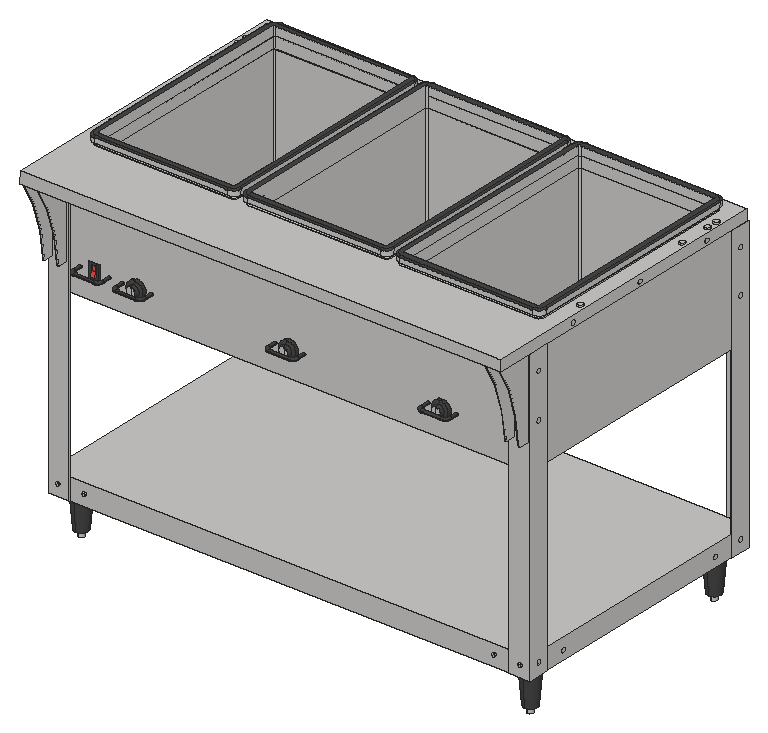
Revit family "QF_VOLLRATH_38213_SERVEWELL_SL_HOT_FOOD_TABLE", category Specialty Equipment, Revit 2022
Family settings
  Round Connector Dimension = Use Diameter
  Part Type = Normal
  Work Plane-Based = No
  Always vertical = Yes
  Cut with Voids When Loaded = No
  Maintain Annotation Orientation = No
  Shared = No
  Room Calculation Point = No
Parameters
  Weight in Pounds = 0
  Watts = 2100 W
  Volts = 120 V
  URL Cutsheet = ""
  Specification by User = ""
  Specification by Manufacturer = ""
  Serial Number = ""
  Seismic Rating = ""
  SMACNA No = ""
  Revision Code = ""
  Phase = 1
  Number of Poles = 1
  NAFEM Spec ID Number = ""
  Model = "38213"
  Min Ckt Ampacity = 0 A
  Max Overcurrent Protection = 0 A
  Masterspec = ""
  Manufacturer = "VOLLRATH"
  Length = 46"
  Item Number = ""
  Installed By = ""
  Identify Quantity as Lot = yes
  Height = 34"
  HP = ""
  Furnished By = ""
  Foodservice Equipment Identifier = yes
  FL Amps = 30 A
  Electrical Remarks = ""
  Electric Connection Type = ""
  Elec Conn RI Height = 0"
  Elec Conn Connection Height = 0"
  Description = "SERVEWELL SL HOT FOOD TABLE"
  Depth = 29 1/2"
  Default Elevation = 0"
  Cycle = 0 Hz
  Conn Plug = "NEMA 5-30P"
  Conn Conduit = yes
  CSI MasterFormat = ""
  Apparent Power = if(Phase = 3, Volts * FL Amps * 1.73, Volts * FL Amps)  # 3600 VA
Reference planes (in)
  plane 1 "BACK": y = 0
  plane 2: z = 0
  plane 3 "LEFT": x = 0
  plane 4 "RIGHT": x = 46
  plane 5 "FRONT": y = -29.5
  plane 6 "TOP": z = 34
  plane 7 "Center Y": x = 23
  plane 8 "Center X": y = -14.75
Dimensions and locks (in)
  equal spacing: plane 3 "LEFT", plane 7 "Center Y", plane 4 "RIGHT"
  "Length": plane 3 "LEFT" to plane 4 "RIGHT"
  equal spacing: plane 5 "FRONT", plane 8 "Center X", plane 1 "BACK"
  "Depth": plane 5 "FRONT" to plane 1 "BACK"
  "Height": plane 6 "TOP" to level
  nested 1 to level = 4"
  plane 4 "RIGHT" to plane 3 "LEFT" = 46"
  aligned and locked: level to plane 2
Nested families (in)
  nested 1: "QF_VOLLRATH_38203" at (0, 0, 0), type "QF_VOLLRATH_38203"
Connectors (in)
  electrical at (4.37729, -23.99392, 21.75393)
    settings: on nested 1, index 1, voltage 120 V, apparent load 0 VA, apparent load phase1 0 VA, apparent load phase2 0 VA, apparent load phase3 0 VA, power factor 1, load classification "Other", number of poles 1, system type 30, power factor state 1, is connector primary yes, connector utility no, sub classification motor no, connector description "ELECTRICAL CONNECTION"
Definition of nested family "QF_VOLLRATH_38203"
  Parameters (values of type "QF_VOLLRATH_38203")
    Weight in Pounds = 0
    Watts = 480 W
    Volts = 120 V
    URL Cutsheet = ""
    Specification by User = ""
    Specification by Manufacturer = ""
    Serial Number = ""
    Seismic Rating = ""
    SMACNA No = ""
    Revision Code = ""
    Phase = 0
    Number of Poles = 1
    NAFEM Spec ID Number = ""
    Model = "38203"
    Min Ckt Ampacity = 0 A
    Max Overcurrent Protection = 0 A
    Masterspec = ""
    Manufacturer = "VOLLRATH"
    Length = 46"
    Item Number = ""
    Installed By = ""
    Identify Quantity as Lot = yes
    Height = 34"
    HP = ""
    Furnished By = ""
    Foodservice Equipment Identifier = yes
    FL Amps = 15 A
    Electrical Remarks = ""
    Electric Connection Type = ""
    Elec Conn RI Height = 0"
    Elec Conn Connection Height = 0"
    Description = "SERVEWELL SL HOT FOOD TABLE"
    Depth = 29 1/2"
    Default Elevation = 0"
    Cycle = 0 Hz
    Conn Plug = "NEMA 5-15P"
    Conn Conduit = yes
    CSI MasterFormat = ""
    Apparent Power = if(Phase = 3, Volts * FL Amps * 1.73, Volts * FL Amps)  # 1800 VA
  Reference planes (in)
    plane 1 "BACK": y = 0
    plane 2: z = 0
    plane 3 "LEFT": x = 0
    plane 4 "RIGHT": x = 46
    plane 5 "FRONT": y = -29.5
    plane 6 "TOP": z = 34
    plane 7 "Center Y": x = 23
    plane 8 "Center X": y = -14.75
    plane 9: z = 4
    plane 10: y = -26
    plane 11: z = 6
    plane 12: x = 1.5
    plane 13: y = -18.1465
  Forms (in)
    Extrusion 1, solid
      sketch origin (-38.39759, -180, 34) x (-1, 0, 0) y (0, -1, 0)
        loop
          line (-38.39759, -180) -> (-38.39759, -150.5) -> (-84.39759, -150.5) -> (-84.39759, -180) -> (-38.39759, -180)
        loop
          arc (-40.4056, -178.50988) -> (-40.29511, -178.46411) -> (-40.24935, -178.35363) r 0.15625
          line (-40.24935, -178.35363) -> (-40.24935, -157.60363)
          arc (-40.24935, -157.60363) -> (-40.29511, -157.49314) -> (-40.4056, -157.44738) r 0.15625
          line (-40.4056, -157.44738) -> (-53.1556, -157.44738)
          arc (-53.1556, -157.44738) -> (-53.26608, -157.49314) -> (-53.31185, -157.60363) r 0.15625
          line (-53.31185, -157.60363) -> (-53.31185, -178.35363)
          arc (-53.31185, -178.35363) -> (-53.26608, -178.46411) -> (-53.1556, -178.50988) r 0.15625
          line (-53.1556, -178.50988) -> (-40.4056, -178.50988)
        loop
          line (-82.38959, -178.50988) -> (-69.63959, -178.50988)
          arc (-69.63959, -178.50988) -> (-69.5291, -178.46411) -> (-69.48334, -178.35363) r 0.15625
          line (-69.48334, -178.35363) -> (-69.48334, -157.60363)
          arc (-69.48334, -157.60363) -> (-69.5291, -157.49314) -> (-69.63959, -157.44738) r 0.15625
          line (-69.63959, -157.44738) -> (-82.38959, -157.44738)
          arc (-82.38959, -157.44738) -> (-82.50007, -157.49314) -> (-82.54584, -157.60363) r 0.15625
          line (-82.54584, -157.60363) -> (-82.54584, -178.35363)
          arc (-82.54584, -178.35363) -> (-82.50007, -178.46411) -> (-82.38959, -178.50988) r 0.15625
        loop
          line (-67.76459, -178.50988) -> (-55.01459, -178.50988)
          arc (-55.01459, -178.50988) -> (-54.9041, -178.46411) -> (-54.85834, -178.35363) r 0.15625
          line (-54.85834, -178.35363) -> (-54.85834, -157.60363)
          arc (-54.85834, -157.60363) -> (-54.9041, -157.49314) -> (-55.01459, -157.44738) r 0.15625
          line (-55.01459, -157.44738) -> (-67.76459, -157.44738)
          arc (-67.76459, -157.44738) -> (-67.87507, -157.49314) -> (-67.92084, -157.60363) r 0.15625
          line (-67.92084, -157.60363) -> (-67.92084, -178.35363)
          arc (-67.92084, -178.35363) -> (-67.87507, -178.46411) -> (-67.76459, -178.50988) r 0.15625
      from -0.90354 to -1.94773
    Extrusion 2, solid
      sketch origin (0, 0, 0) x (1, 0, 0) y (0, 1, 0)
        loop
          line (0, -26) -> (46, -26) -> (46, 0) -> (0, 0) -> (0, -26)
        loop
          arc (14.91425, -1.64637) -> (14.86849, -1.53589) -> (14.758, -1.49012) r 0.15625
          line (14.758, -1.49012) -> (2.008, -1.49012)
          arc (2.008, -1.49012) -> (1.89752, -1.53589) -> (1.85175, -1.64637) r 0.15625
          line (1.85175, -1.64637) -> (1.85175, -22.39637)
          arc (1.85175, -22.39637) -> (1.89752, -22.50686) -> (2.008, -22.55262) r 0.15625
          line (2.008, -22.55262) -> (14.758, -22.55262)
          arc (14.758, -22.55262) -> (14.86849, -22.50686) -> (14.91425, -22.39637) r 0.15625
          line (14.91425, -22.39637) -> (14.91425, -1.64637)
        loop
          arc (16.47675, -22.39637) -> (16.52252, -22.50686) -> (16.633, -22.55262) r 0.15625
          line (16.633, -22.55262) -> (29.383, -22.55262)
          arc (29.383, -22.55262) -> (29.49349, -22.50686) -> (29.53925, -22.39637) r 0.15625
          line (29.53925, -22.39637) -> (29.53925, -1.64637)
          arc (29.53925, -1.64637) -> (29.49349, -1.53589) -> (29.383, -1.49012) r 0.15625
          line (29.383, -1.49012) -> (16.633, -1.49012)
          arc (16.633, -1.49012) -> (16.52252, -1.53589) -> (16.47675, -1.64637) r 0.15625
          line (16.47675, -1.64637) -> (16.47675, -22.39637)
        loop
          arc (31.08575, -22.39637) -> (31.13151, -22.50686) -> (31.242, -22.55262) r 0.15625
          line (31.242, -22.55262) -> (43.992, -22.55262)
          arc (43.992, -22.55262) -> (44.10248, -22.50686) -> (44.14825, -22.39637) r 0.15625
          line (44.14825, -22.39637) -> (44.14825, -1.64637)
          arc (44.14825, -1.64637) -> (44.10248, -1.53589) -> (43.992, -1.49012) r 0.15625
          line (43.992, -1.49012) -> (31.242, -1.49012)
          arc (31.242, -1.49012) -> (31.13151, -1.53589) -> (31.08575, -1.64637) r 0.15625
          line (31.08575, -1.64637) -> (31.08575, -22.39637)
      from 21.87893 to 32.05227
    Extrusion 3, solid
      sketch origin (0, 0, 0) x (1, 0, 0) y (0, 1, 0)
        loop
          line (-0.0625, -26.0625) -> (1.9375, -26.0625) -> (1.9375, -26) -> (0, -26) -> (0, -24.0625) -> (-0.0625, -24.0625) -> (-0.0625, -26.0625)
        loop
          line (46.0625, -26.0625) -> (46.0625, -24.0625) -> (46, -24.0625) -> (46, -26) -> (44.0625, -26) -> (44.0625, -26.0625) -> (46.0625, -26.0625)
        loop
          line (-0.0625, 0.0625) -> (-0.0625, -1.9375) -> (0, -1.9375) -> (0, 0) -> (1.9375, 0) -> (1.9375, 0.0625) -> (-0.0625, 0.0625)
        loop
          line (46.0625, 0.0625) -> (44.0625, 0.0625) -> (44.0625, 0) -> (46, 0) -> (46, -1.9375) -> (46.0625, -1.9375) -> (46.0625, 0.0625)
      from 4 to 32.05227
    Extrusion 4, solid
      sketch origin (0, -180, 4) x (-1, 0, 0) y (0, -1, 0)
        loop
          line (0, -180) -> (0, -154) -> (-46, -154) -> (-46, -180) -> (0, -180)
      from 0 to 2
    Revolve 5, solid
      sketch origin (44.5, 0, 0) x (0, 1, 0) y (0, 0, -1)
        loop
          line (-24.0625, -4) -> (-24.0625, 0) -> (-24.34375, 0) -> (-24.34375, -0.5625) -> (-24.69114, -0.5625) -> (-24.99188, -4) -> (-24.0625, -4)
        axis (-24.0625, -4) -> (-24.0625, 0)
      angle from 0 to 360
    Sweep 6, solid
      path origin (0, 0, 0) x (1, 0, 0) y (0, 1, 0)
        loop
          arc (2.008, -1.14637) -> (1.65445, -1.29282) -> (1.508, -1.64637) r 0.5
          line (1.508, -1.64637) -> (1.508, -22.39637)
          arc (1.508, -22.39637) -> (1.65445, -22.74993) -> (2.008, -22.89637) r 0.5
          line (2.008, -22.89637) -> (14.758, -22.89637)
          arc (14.758, -22.89637) -> (15.11156, -22.74993) -> (15.258, -22.39637) r 0.5
          line (15.258, -22.39637) -> (15.258, -1.64637)
          arc (15.258, -1.64637) -> (15.11156, -1.29282) -> (14.758, -1.14637) r 0.5
          line (14.758, -1.14637) -> (2.008, -1.14637)
      profile origin (8.383, -1.14637, 0) x (0, 1, 0) y (0, 0, 1)
        loop
          arc (0.21875, 33.86984) -> (0.18063, 33.96188) -> (0.08859, 34) r 0.13016
          line (0.08859, 34) -> (-0.34375, 34) -> (-0.34375, 21.87893) -> (0, 21.87893) -> (0, 33.09646)
          arc (0, 33.09646) -> (-0.07256, 33.26176) -> (-0.03125, 33.4375) r 0.285
          line (-0.03125, 33.4375) -> (0.21875, 33.4375) -> (0.21875, 33.86984)
    Sweep 7, solid
      path origin (14.625, 0, 0) x (1, 0, 0) y (0, 1, 0)
        loop
          arc (2.008, -1.14637) -> (1.65445, -1.29282) -> (1.508, -1.64637) r 0.5
          line (1.508, -1.64637) -> (1.508, -22.39637)
          arc (1.508, -22.39637) -> (1.65445, -22.74993) -> (2.008, -22.89637) r 0.5
          line (2.008, -22.89637) -> (14.758, -22.89637)
          arc (14.758, -22.89637) -> (15.11156, -22.74993) -> (15.258, -22.39637) r 0.5
          line (15.258, -22.39637) -> (15.258, -1.64637)
          arc (15.258, -1.64637) -> (15.11156, -1.29282) -> (14.758, -1.14637) r 0.5
          line (14.758, -1.14637) -> (2.008, -1.14637)
      profile origin (23.008, -1.14637, 0) x (0, 1, 0) y (0, 0, 1)
        loop
          arc (0.21875, 33.86984) -> (0.18063, 33.96188) -> (0.08859, 34) r 0.13016
          line (0.08859, 34) -> (-0.34375, 34) -> (-0.34375, 21.87893) -> (0, 21.87893) -> (0, 33.09646)
          arc (0, 33.09646) -> (-0.07256, 33.26176) -> (-0.03125, 33.4375) r 0.285
          line (-0.03125, 33.4375) -> (0.21875, 33.4375) -> (0.21875, 33.86984)
    Sweep 8, solid
      path origin (46, 0, 0) x (-1, 0, 0) y (0, -1, 0)
        loop
          line (2.008, 1.14637) -> (14.758, 1.14637)
          arc (14.758, 1.14637) -> (15.11156, 1.29282) -> (15.258, 1.64637) r 0.5
          line (15.258, 1.64637) -> (15.258, 22.39637)
          arc (15.258, 22.39637) -> (15.11156, 22.74993) -> (14.758, 22.89637) r 0.5
          line (14.758, 22.89637) -> (2.008, 22.89637)
          arc (2.008, 22.89637) -> (1.65445, 22.74993) -> (1.508, 22.39637) r 0.5
          line (1.508, 22.39637) -> (1.508, 1.64637)
          arc (1.508, 1.64637) -> (1.65445, 1.29282) -> (2.008, 1.14637) r 0.5
      profile origin (37.617, -1.14637, 0) x (0, -1, 0) y (0, 0, 1)
        loop
          line (-0.21875, 33.86984) -> (-0.21875, 33.4375) -> (0.03125, 33.4375)
          arc (0.03125, 33.4375) -> (0.07256, 33.26176) -> (0, 33.09646) r 0.285
          line (0, 33.09646) -> (0, 21.87893) -> (0.34375, 21.87893) -> (0.34375, 34) -> (-0.08859, 34)
          arc (-0.08859, 34) -> (-0.18063, 33.96188) -> (-0.21875, 33.86984) r 0.13016
    Extrusion 9, solid
      sketch origin (0, 0, 0) x (0, 1, 0) y (0, 0, 1)
        loop
          arc (-29.38523, 32.05227) -> (-27.76168, 28.48926) -> (-27.05801, 24.63752) r 15.90135
          arc (-27.05801, 24.63752) -> (-26.98006, 24.47007) -> (-26.80842, 24.40183) r 0.25
          line (-26.80842, 24.40183) -> (-26.0625, 24.40183) -> (-26.0625, 32.05227) -> (-29.38523, 32.05227)
      from 0.19267 to 0.26943
    Extrusion 10, solid
      sketch origin (1.38301, 0, 0) x (0, 1, 0) y (0, 0, 1)
        loop
          arc (-29.38523, 32.05227) -> (-27.76168, 28.48926) -> (-27.05801, 24.63752) r 15.90135
          arc (-27.05801, 24.63752) -> (-26.98006, 24.47007) -> (-26.80842, 24.40183) r 0.25
          line (-26.80842, 24.40183) -> (-26.0625, 24.40183) -> (-26.0625, 32.05227) -> (-29.38523, 32.05227)
      from 0.12501 to 0.21028
    Extrusion 11, solid
      sketch origin (46, 0, 0) x (0, 1, 0) y (0, 0, -1)
        loop
          line (-29.38523, -32.05227) -> (-26.0625, -32.05227) -> (-26.0625, -24.40183) -> (-26.80842, -24.40183)
          arc (-26.80842, -24.40183) -> (-26.98006, -24.47007) -> (-27.05801, -24.63752) r 0.25
          arc (-27.05801, -24.63752) -> (-27.76168, -28.48926) -> (-29.38523, -32.05227) r 15.90135
      from 0.19267 to 0.26943
    Extrusion 12, solid
      sketch origin (44.61699, 0, 0) x (0, 1, 0) y (0, 0, -1)
        loop
          line (-29.38523, -32.05227) -> (-26.0625, -32.05227) -> (-26.0625, -24.40183) -> (-26.80842, -24.40183)
          arc (-26.80842, -24.40183) -> (-26.98006, -24.47007) -> (-27.05801, -24.63752) r 0.25
          arc (-27.05801, -24.63752) -> (-27.76168, -28.48926) -> (-29.38523, -32.05227) r 15.90135
      from 0.12501 to 0.21028
    Revolve 13, solid
      sketch origin (8.383, 0.0625, 0) x (0, 1, 0) y (0, 0, 1)
        loop
          line (-26.0625, 24.44451) -> (-26.0625, 25.25473) -> (-26.36725, 25.25473) -> (-26.50448, 24.94383) -> (-26.8125, 24.8613) -> (-26.8125, 24.44451) -> (-26.0625, 24.44451)
        axis (-26.8125, 24.44451) -> (-26.0625, 24.44451)
      angle from 0 to 360
    Sweep 14, solid
      path origin (0, 0, 0) x (1, 0, 0) y (0, 1, 0)
        loop
          line (7, -26) -> (7, -26.83521)
          arc (7, -26.83521) -> (7.12149, -27.12851) -> (7.41479, -27.25) r 0.41479
          line (7.41479, -27.25) -> (9.33594, -27.25)
          arc (9.33594, -27.25) -> (9.62872, -27.12872) -> (9.75, -26.83594) r 0.41406
          line (9.75, -26.83594) -> (9.75, -26)
      profile origin (8.37537, -27.25, 0) x (0, 1, 0) y (0, 0, 1)
        loop
          circle (0, 24.4375) r 0.125
    Revolve 15, solid
      sketch origin (23, 0.0625, 0) x (0, 1, 0) y (0, 0, 1)
        loop
          line (-26.0625, 24.44451) -> (-26.0625, 25.25473) -> (-26.36725, 25.25473) -> (-26.50448, 24.94383) -> (-26.8125, 24.8613) -> (-26.8125, 24.44451) -> (-26.0625, 24.44451)
        axis (-26.8125, 24.44451) -> (-26.0625, 24.44451)
      angle from 0 to 360
    Sweep 16, solid
      path origin (14.617, 0, 0) x (1, 0, 0) y (0, 1, 0)
        loop
          line (7, -26) -> (7, -26.83521)
          arc (7, -26.83521) -> (7.12149, -27.12851) -> (7.41479, -27.25) r 0.41479
          line (7.41479, -27.25) -> (9.33594, -27.25)
          arc (9.33594, -27.25) -> (9.62872, -27.12872) -> (9.75, -26.83594) r 0.41406
          line (9.75, -26.83594) -> (9.75, -26)
      profile origin (22.99236, -27.25, 0) x (0, 1, 0) y (0, 0, 1)
        loop
          circle (0, 24.4375) r 0.125
    Revolve 17, solid
      sketch origin (37.617, 0.0625, 0) x (0, 1, 0) y (0, 0, -1)
        loop
          line (-26.0625, -24.44451) -> (-26.8125, -24.44451) -> (-26.8125, -24.8613) -> (-26.50448, -24.94383) -> (-26.36725, -25.25473) -> (-26.0625, -25.25473) -> (-26.0625, -24.44451)
        axis (-26.8125, -24.44451) -> (-26.0625, -24.44451)
      angle from 0 to 360
    Sweep 18, solid
      path origin (46, 0, 0) x (-1, 0, 0) y (0, -1, 0)
        loop
          line (7, 26) -> (7, 26.83521)
          arc (7, 26.83521) -> (7.12149, 27.12851) -> (7.41479, 27.25) r 0.41479
          line (7.41479, 27.25) -> (9.33594, 27.25)
          arc (9.33594, 27.25) -> (9.62872, 27.12872) -> (9.75, 26.83594) r 0.41406
          line (9.75, 26.83594) -> (9.75, 26)
      profile origin (37.62463, -27.25, 0) x (0, -1, 0) y (0, 0, 1)
        loop
          circle (0, 24.4375) r 0.125
    Extrusion 19, solid
      sketch origin (0, -26, 0) x (1, 0, 0) y (0, 0, 1)
        loop
          line (3.81326, 25.25117) -> (3.81326, 23.75117) -> (4.81326, 23.75117) -> (4.81326, 25.25117) -> (3.81326, 25.25117)
        loop
          line (4.10495, 25.04634) -> (4.10495, 24.03072) -> (4.52019, 24.03072) -> (4.52019, 25.04634) -> (4.10495, 25.04634)
      from 0 to 0.0625
    Extrusion 20, solid
      sketch origin (4.10495, -26, 24.53072) x (0, 0, 1) y (0, -1, 0)
        loop
          line (0.51563, 0.0625) -> (0.51563, 0.12731) -> (0.05202, 0.12731) -> (-0.49994, 0.20488) -> (-0.49994, 0.0625) -> (0.51563, 0.0625)
      from 0 to 0.41524
    Sweep 21, solid
      path origin (-4.03125, 0, 0) x (1, 0, 0) y (0, 1, 0)
        loop
          line (7, -26) -> (7, -26.83521)
          arc (7, -26.83521) -> (7.12149, -27.12851) -> (7.41479, -27.25) r 0.41479
          line (7.41479, -27.25) -> (9.33594, -27.25)
          arc (9.33594, -27.25) -> (9.62872, -27.12872) -> (9.75, -26.83594) r 0.41406
          line (9.75, -26.83594) -> (9.75, -26)
      profile origin (4.34412, -27.25, 0) x (0, 1, 0) y (0, 0, 1)
        loop
          circle (0, 24.4375) r 0.125
    Extrusion 22, solid
      sketch origin (0, 0, 21.87893) x (0, 1, 0) y (1, 0, 0)
        loop
          circle (-19.65638, 8.32444) r 0.5
        loop
          line (-22.39637, 1.85175) -> (-1.64637, 1.85175)
          arc (-1.64637, 1.85175) -> (-1.53589, 1.89752) -> (-1.49012, 2.008) r 0.15625
          line (-1.49012, 2.008) -> (-1.49012, 14.758)
          arc (-1.49012, 14.758) -> (-1.53589, 14.86849) -> (-1.64637, 14.91425) r 0.15625
          line (-1.64637, 14.91425) -> (-22.39637, 14.91425)
          arc (-22.39637, 14.91425) -> (-22.50686, 14.86849) -> (-22.55262, 14.758) r 0.15625
          line (-22.55262, 14.758) -> (-22.55262, 2.008)
          arc (-22.55262, 2.008) -> (-22.50686, 1.89752) -> (-22.39637, 1.85175) r 0.15625
        loop
          circle (-19.65638, 37.67556) r 0.5
        loop
          arc (-22.39637, 44.14825) -> (-22.50686, 44.10248) -> (-22.55262, 43.992) r 0.15625
          line (-22.55262, 43.992) -> (-22.55262, 31.242)
          arc (-22.55262, 31.242) -> (-22.50686, 31.13151) -> (-22.39637, 31.08575) r 0.15625
          line (-22.39637, 31.08575) -> (-1.64637, 31.08575)
          arc (-1.64637, 31.08575) -> (-1.53589, 31.13151) -> (-1.49012, 31.242) r 0.15625
          line (-1.49012, 31.242) -> (-1.49012, 43.992)
          arc (-1.49012, 43.992) -> (-1.53589, 44.10248) -> (-1.64637, 44.14825) r 0.15625
          line (-1.64637, 44.14825) -> (-22.39637, 44.14825)
        loop
          circle (-19.65638, 23.05056) r 0.5
        loop
          arc (-22.39637, 29.52325) -> (-22.50686, 29.47748) -> (-22.55262, 29.367) r 0.15625
          line (-22.55262, 29.367) -> (-22.55262, 16.617)
          arc (-22.55262, 16.617) -> (-22.50686, 16.50651) -> (-22.39637, 16.46075) r 0.15625
          line (-22.39637, 16.46075) -> (-1.64637, 16.46075)
          arc (-1.64637, 16.46075) -> (-1.53589, 16.50651) -> (-1.49012, 16.617) r 0.15625
          line (-1.49012, 16.617) -> (-1.49012, 29.367)
          arc (-1.49012, 29.367) -> (-1.53589, 29.47748) -> (-1.64637, 29.52325) r 0.15625
          line (-1.64637, 29.52325) -> (-22.39637, 29.52325)
      from 0 to -0.48173
    Extrusion 23, solid
      sketch origin (-38.39759, -180, 33.09646) x (-1, 0, 0) y (0, -1, 0)
        loop
          circle (-38.90258, -176.94303) r 0.25
        loop
          circle (-38.90258, -175.89791) r 0.25
        loop
          circle (-38.93459, -172.90202) r 0.25
        loop
          circle (-38.96584, -160.74577) r 0.25
      from 0 to 0.0625
    Extrusion 24, solid
      sketch origin (0.1875, 0, 21.87893) x (0, 1, 0) y (1, 0, 0)
        loop
          circle (-23.99392, 4.18979) r 0.5
      from 0 to 0.125
    Extrusion 25, solid
      sketch origin (0, 0, 21.87893) x (0, 1, 0) y (1, 0, 0)
        loop
          circle (-19.65551, 8.32474) r 0.5
        loop
          circle (-19.65551, 37.67526) r 0.5
        loop
          circle (-19.65551, 23.05469) r 0.5
        loop
          circle (-19.65551, 8.32474) r 0.5625
        loop
          circle (-19.65551, 23.05469) r 0.5625
        loop
          circle (-19.65551, 37.67526) r 0.5625
      from 0 to 2
    Extrusion 26, solid
      sketch origin (0, 0, 0) x (1, 0, 0) y (0, 0, 1)
        loop
          arc (8.11974, 21.11331) -> (7.98829, 20.87122) -> (8.15928, 20.65522) r 0.25
          line (8.15928, 20.65522) -> (8.15928, 19.87893) -> (8.44974, 19.87893) -> (8.44974, 20.65323)
          arc (8.44974, 20.65323) -> (8.62739, 20.87543) -> (8.48208, 21.12001) r 0.25
          line (8.48208, 21.12001) -> (8.48208, 21.37213) -> (8.11974, 21.37213) -> (8.11974, 21.11331)
      from 20.74955 to 20.32975
    Extrusion 27, solid
      sketch origin (0, 0, 0) x (1, 0, 0) y (0, 0, 1)
        loop
          circle (8.30179, 20.88613) r 0.25
      from 20.15525 to 20.32975
    Extrusion 28, solid
      sketch origin (14.69909, 0, 0) x (1, 0, 0) y (0, 0, 1)
        loop
          arc (8.11974, 21.11331) -> (7.98829, 20.87122) -> (8.15928, 20.65522) r 0.25
          line (8.15928, 20.65522) -> (8.15928, 19.87893) -> (8.44974, 19.87893) -> (8.44974, 20.65323)
          arc (8.44974, 20.65323) -> (8.62739, 20.87543) -> (8.48208, 21.12001) r 0.25
          line (8.48208, 21.12001) -> (8.48208, 21.37213) -> (8.11974, 21.37213) -> (8.11974, 21.11331)
      from 20.74955 to 20.32975
    Extrusion 29, solid
      sketch origin (14.69909, 0, 0) x (1, 0, 0) y (0, 0, 1)
        loop
          circle (8.30179, 20.88613) r 0.25
      from 20.15525 to 20.32975
    Extrusion 30, solid
      sketch origin (29.38659, 0, 0) x (1, 0, 0) y (0, 0, 1)
        loop
          arc (8.11974, 21.11331) -> (7.98829, 20.87122) -> (8.15928, 20.65522) r 0.25
          line (8.15928, 20.65522) -> (8.15928, 19.87893) -> (8.44974, 19.87893) -> (8.44974, 20.65323)
          arc (8.44974, 20.65323) -> (8.62739, 20.87543) -> (8.48208, 21.12001) r 0.25
          line (8.48208, 21.12001) -> (8.48208, 21.37213) -> (8.11974, 21.37213) -> (8.11974, 21.11331)
      from 20.74955 to 20.32975
    Extrusion 31, solid
      sketch origin (29.38659, 0, 0) x (1, 0, 0) y (0, 0, 1)
        loop
          circle (8.30179, 20.88613) r 0.25
      from 20.15525 to 20.32975
    Extrusion 32, solid
      sketch origin (46, 0, 34) x (0, -1, 0) y (0, 0, -1)
        loop
          circle (25.09699, 3.76064) r 0.17669
        loop
          circle (25.09699, 8.01064) r 0.17669
        loop
          circle (25.09699, 28.76064) r 0.17669
        loop
          circle (22.10841, 29.02211) r 0.17669
        loop
          circle (3.92282, 29.02211) r 0.17669
        loop
          circle (0.93013, 28.81284) r 0.17669
        loop
          circle (0.93013, 7.8989) r 0.17669
        loop
          circle (0.93013, 3.74659) r 0.17669
        loop
          circle (20.96222, 1.42378) r 0.17669
        loop
          circle (12.96222, 1.42378) r 0.17669
        loop
          circle (4.96222, 1.42378) r 0.17669
      from 0 to 0.125
    Extrusion 33, solid
      sketch origin (0, 0, 34) x (0, -1, 0) y (0, 0, 1)
        loop
          circle (25.09699, -3.76064) r 0.17669
        loop
          circle (25.09699, -8.01064) r 0.17669
        loop
          circle (25.09699, -28.76064) r 0.17669
        loop
          circle (22.10841, -29.02211) r 0.17669
        loop
          circle (3.92282, -29.02211) r 0.17669
        loop
          circle (0.93013, -28.81284) r 0.17669
        loop
          circle (0.93013, -7.8989) r 0.17669
        loop
          circle (0.93013, -3.74659) r 0.17669
        loop
          circle (20.96222, -1.42378) r 0.17669
        loop
          circle (12.96222, -1.42378) r 0.17669
        loop
          circle (4.96222, -1.42378) r 0.17669
      from 0 to 0.125
    Extrusion 34, solid
      sketch origin (46.0625, -26.0625, 0) x (-1, 0, 0) y (0, 0, -1)
        loop
          circle (0.93848, -30.25949) r 0.14866
        loop
          circle (0.93848, -26.00949) r 0.14866
        loop
          circle (0.93848, -5.09351) r 0.14866
        loop
          circle (3.43848, -5.09351) r 0.14866
        loop
          circle (45.18652, -30.25949) r 0.14866
        loop
          circle (45.18652, -26.00949) r 0.14866
        loop
          circle (45.18652, -5.09351) r 0.14866
        loop
          circle (42.68652, -5.09351) r 0.14866
      from 0 to 0.0625
    Revolve 35, solid
      sketch origin (1.5, 0, 0) x (0, 1, 0) y (0, 0, 1)
        loop
          line (-24.0625, 4) -> (-24.99188, 4) -> (-24.69114, 0.5625) -> (-24.34375, 0.5625) -> (-24.34375, 0) -> (-24.0625, 0) -> (-24.0625, 4)
        axis (-24.0625, 4) -> (-24.0625, 0)
      angle from 0 to 360
    Revolve 36, solid
      sketch origin (1.5, -26.125, 0) x (0, -1, 0) y (0, 0, -1)
        loop
          line (-24.0625, -4) -> (-24.0625, 0) -> (-24.34375, 0) -> (-24.34375, -0.5625) -> (-24.69114, -0.5625) -> (-24.99188, -4) -> (-24.0625, -4)
        axis (-24.0625, -4) -> (-24.0625, 0)
      angle from 0 to 360
    Revolve 37, solid
      sketch origin (44.5, -26.125, 0) x (0, -1, 0) y (0, 0, 1)
        loop
          line (-24.0625, 4) -> (-24.99188, 4) -> (-24.69114, 0.5625) -> (-24.34375, 0.5625) -> (-24.34375, 0) -> (-24.0625, 0) -> (-24.0625, 4)
        axis (-24.0625, 4) -> (-24.0625, 0)
      angle from 0 to 360
    Blend 38, solid
      base sketch origin (0, 0, 0) x (1, 0, 0) y (0, 1, 0)
        loop
          line (40.06273, -18.1465) -> (40.06273, -23.02664) -> (44.56273, -23.02664) -> (44.56273, -18.1465) -> (40.06273, -18.1465)
      top sketch origin (0, 0, 0) x (1, 0, 0) y (0, 1, 0)
        loop
          line (40.56273, -22.52664) -> (44.06273, -22.52664) -> (44.06273, -18.6465) -> (40.56273, -18.6465) -> (40.56273, -22.52664)
      from 4 to 3.30089
    Blend 39, solid
      base sketch origin (46, 0, 0) x (-1, 0, 0) y (0, -1, 0)
        loop
          line (40.06273, 18.1465) -> (44.56273, 18.1465) -> (44.56273, 23.02664) -> (40.06273, 23.02664) -> (40.06273, 18.1465)
      top sketch origin (46, 0, 0) x (-1, 0, 0) y (0, -1, 0)
        loop
          line (40.56273, 22.52664) -> (40.56273, 18.6465) -> (44.06273, 18.6465) -> (44.06273, 22.52664) -> (40.56273, 22.52664)
      from 4 to 3.30089
    Blend 40, solid
      base sketch origin (0, -26.0164, 0) x (1, 0, 0) y (0, 1, 0)
        loop
          line (40.06273, 18.1465) -> (44.56273, 18.1465) -> (44.56273, 23.02664) -> (40.06273, 23.02664) -> (40.06273, 18.1465)
      top sketch origin (0, -26.0164, 0) x (1, 0, 0) y (0, 1, 0)
        loop
          line (40.56273, 22.52664) -> (40.56273, 18.6465) -> (44.06273, 18.6465) -> (44.06273, 22.52664) -> (40.56273, 22.52664)
      from 4 to 3.30089
    Blend 41, solid
      base sketch origin (46, -26.0164, 0) x (-1, 0, 0) y (0, -1, 0)
        loop
          line (40.06273, -18.1465) -> (40.06273, -23.02664) -> (44.56273, -23.02664) -> (44.56273, -18.1465) -> (40.06273, -18.1465)
      top sketch origin (46, -26.0164, 0) x (-1, 0, 0) y (0, -1, 0)
        loop
          line (40.56273, -22.52664) -> (44.06273, -22.52664) -> (44.06273, -18.6465) -> (40.56273, -18.6465) -> (40.56273, -22.52664)
      from 4 to 3.30089
    Extrusion 42, solid
      sketch origin (84.39759, -180, 33.09646) x (1, 0, 0) y (0, 1, 0)
        loop
          circle (-38.90258, 176.94303) r 0.25
        loop
          circle (-38.90258, 175.89791) r 0.25
        loop
          circle (-38.93459, 172.90202) r 0.25
        loop
          circle (-38.96584, 160.74577) r 0.25
      from 0 to 0.0625
  Cuts and joins
    joined: Extrusion 2, Extrusion 3, Extrusion 4
  Lines and regions (in)
    Split face 1
      outline origin (0, -26, 32.05227) x (0, 0, -1) y (1, 0, 0)
        loop
          line (6.04686, 9.36933) -> (6.48436, 9.36933) -> (6.48436, 10.36933) -> (6.04686, 10.36933) -> (6.04686, 9.36933)
    Split face 2
      outline origin (0, -26, 32.05227) x (0, 0, -1) y (1, 0, 0)
        loop
          circle (6.79224, 9.82181) r 0.16586
    Split face 3
      outline origin (0, -26, 32.05227) x (0, 0, -1) y (1, 0, 0)
        loop
          line (6.04686, 23.61933) -> (6.48436, 23.61933) -> (6.48436, 24.61933) -> (6.04686, 24.61933) -> (6.04686, 23.61933)
    Split face 4
      outline origin (0, -26, 32.05227) x (0, 0, -1) y (1, 0, 0)
        loop
          circle (6.79224, 24.10306) r 0.16586
    Split face 5
      outline origin (0, -26, 32.05227) x (0, 0, -1) y (1, 0, 0)
        loop
          line (6.04686, 38.36933) -> (6.48436, 38.36933) -> (6.48436, 39.36933) -> (6.04686, 39.36933) -> (6.04686, 38.36933)
    Split face 6
      outline origin (0, -26, 32.05227) x (0, 0, -1) y (1, 0, 0)
        loop
          circle (6.79224, 38.86868) r 0.16586
    Split face 7
      outline origin (0, -26, 32.05227) x (0, 0, -1) y (1, 0, 0)
        loop
          arc (6.95843, 13.99045) -> (6.98589, 13.92416) -> (7.05218, 13.8967) r 0.09375
          line (7.05218, 13.8967) -> (8.17718, 13.8967)
          arc (8.17718, 13.8967) -> (8.24347, 13.92416) -> (8.27093, 13.99045) r 0.09375
          line (8.27093, 13.99045) -> (8.27093, 17.92817)
          arc (8.27093, 17.92817) -> (8.24353, 17.99431) -> (8.1774, 18.0217) r 0.09353
          line (8.1774, 18.0217) -> (7.05218, 18.0217)
          arc (7.05218, 18.0217) -> (6.98589, 17.99424) -> (6.95843, 17.92795) r 0.09375
          line (6.95843, 17.92795) -> (6.95843, 13.99045)
    symbolic lines
      curve 1: line (0, 0, 0) -> (0, -29.5, 0)
      curve 2: line (0, -29.5, 0) -> (46, -29.5, 0)
      curve 3: line (46, -29.5, 0) -> (46, 0, 0)
      curve 4: line (46, 0, 0) -> (0, 0, 0)
      curve 5: line (14.758, -22.55262, 0) -> (2.008, -22.55262, 0)
      curve 6: arc (2.008, -22.55262, 0) -> (1.89752, -22.50686, 0) -> (1.85175, -22.39637, 0) r 0.15625
      curve 7: line (1.85175, -22.39637, 0) -> (1.85175, -1.64637, 0)
      curve 8: arc (1.85175, -1.64637, 0) -> (1.89752, -1.53589, 0) -> (2.008, -1.49012, 0) r 0.15625
      curve 9: line (2.008, -1.49012, 0) -> (14.758, -1.49012, 0)
      curve 10: arc (14.758, -1.49012, 0) -> (14.86849, -1.53589, 0) -> (14.91425, -1.64637, 0) r 0.15625
      curve 11: line (14.91425, -1.64637, 0) -> (14.91425, -22.39637, 0)
      curve 12: arc (14.91425, -22.39637, 0) -> (14.86849, -22.50686, 0) -> (14.758, -22.55262, 0) r 0.15625
      curve 13: line (14.758, -23.11512, 0) -> (2.008, -23.11512, 0)
      curve 14: arc (2.008, -23.11512, 0) -> (1.49977, -22.90461, 0) -> (1.28925, -22.39637, 0) r 0.71875
      curve 15: line (1.28925, -22.39637, 0) -> (1.28925, -1.64637, 0)
      curve 16: arc (1.28925, -1.64637, 0) -> (1.49977, -1.13814, 0) -> (2.008, -0.92762, 0) r 0.71875
      curve 17: line (2.008, -0.92762, 0) -> (14.758, -0.92762, 0)
      curve 18: arc (14.758, -0.92762, 0) -> (15.26624, -1.13814, 0) -> (15.47675, -1.64637, 0) r 0.71875
      curve 19: line (15.47675, -1.64637, 0) -> (15.47675, -22.39637, 0)
      curve 20: arc (15.47675, -22.39637, 0) -> (15.26624, -22.90461, 0) -> (14.758, -23.11512, 0) r 0.71875
      curve 21: arc (8.32444, -19.15638, 0) -> (8.82444, -19.65638, 0) -> (8.32444, -20.15638, 0) r 0.5
      curve 22: arc (8.32444, -20.15638, 0) -> (7.82444, -19.65638, 0) -> (8.32444, -19.15638, 0) r 0.5
      curve 23: line (29.383, -23.11512, 0) -> (16.633, -23.11512, 0)
      curve 24: arc (16.633, -23.11512, 0) -> (16.12477, -22.90461, 0) -> (15.91425, -22.39637, 0) r 0.71875
      curve 25: line (15.91425, -22.39637, 0) -> (15.91425, -1.64637, 0)
      curve 26: arc (15.91425, -1.64637, 0) -> (16.12477, -1.13814, 0) -> (16.633, -0.92762, 0) r 0.71875
      curve 27: line (16.633, -0.92762, 0) -> (29.383, -0.92762, 0)
      curve 28: arc (29.383, -0.92762, 0) -> (29.89124, -1.13814, 0) -> (30.10175, -1.64637, 0) r 0.71875
      curve 29: line (30.10175, -1.64637, 0) -> (30.10175, -22.39637, 0)
      curve 30: arc (30.10175, -22.39637, 0) -> (29.89124, -22.90461, 0) -> (29.383, -23.11512, 0) r 0.71875
      curve 31: line (16.47675, -22.39637, 0) -> (16.47675, -1.64637, 0)
      curve 32: arc (16.47675, -1.64637, 0) -> (16.52252, -1.53589, 0) -> (16.633, -1.49012, 0) r 0.15625
      curve 33: line (16.633, -1.49012, 0) -> (29.383, -1.49012, 0)
      curve 34: arc (29.383, -1.49012, 0) -> (29.49349, -1.53589, 0) -> (29.53925, -1.64637, 0) r 0.15625
      curve 35: line (29.53925, -1.64637, 0) -> (29.53925, -22.39637, 0)
      curve 36: arc (29.53925, -22.39637, 0) -> (29.49349, -22.50686, 0) -> (29.383, -22.55262, 0) r 0.15625
      curve 37: line (29.383, -22.55262, 0) -> (16.633, -22.55262, 0)
      curve 38: arc (16.633, -22.55262, 0) -> (16.52252, -22.50686, 0) -> (16.47675, -22.39637, 0) r 0.15625
      curve 39: arc (23.05056, -20.15638, 0) -> (22.55056, -19.65638, 0) -> (23.05056, -19.15638, 0) r 0.5
      curve 40: arc (23.05056, -19.15638, 0) -> (23.55056, -19.65638, 0) -> (23.05056, -20.15638, 0) r 0.5
      curve 41: arc (37.67556, -20.15638, 0) -> (37.17556, -19.65638, 0) -> (37.67556, -19.15638, 0) r 0.5
      curve 42: arc (37.67556, -19.15638, 0) -> (38.17556, -19.65638, 0) -> (37.67556, -20.15638, 0) r 0.5
      curve 43: line (43.992, -22.55262, 0) -> (31.242, -22.55262, 0)
      curve 44: arc (31.242, -22.55262, 0) -> (31.13151, -22.50686, 0) -> (31.08575, -22.39637, 0) r 0.15625
      curve 45: line (31.08575, -22.39637, 0) -> (31.08575, -1.64637, 0)
      curve 46: arc (31.08575, -1.64637, 0) -> (31.13151, -1.53589, 0) -> (31.242, -1.49012, 0) r 0.15625
      curve 47: line (31.242, -1.49012, 0) -> (43.992, -1.49012, 0)
      curve 48: arc (43.992, -1.49012, 0) -> (44.10248, -1.53589, 0) -> (44.14825, -1.64637, 0) r 0.15625
      curve 49: line (44.14825, -1.64637, 0) -> (44.14825, -22.39637, 0)
      curve 50: arc (44.14825, -22.39637, 0) -> (44.10248, -22.50686, 0) -> (43.992, -22.55262, 0) r 0.15625
      curve 51: line (43.992, -23.11512, 0) -> (31.242, -23.11512, 0)
      curve 52: arc (31.242, -23.11512, 0) -> (30.73376, -22.90461, 0) -> (30.52325, -22.39637, 0) r 0.71875
      curve 53: line (30.52325, -22.39637, 0) -> (30.52325, -1.64637, 0)
      curve 54: arc (30.52325, -1.64637, 0) -> (30.73376, -1.13814, 0) -> (31.242, -0.92762, 0) r 0.71875
      curve 55: line (31.242, -0.92762, 0) -> (43.992, -0.92762, 0)
      curve 56: arc (43.992, -0.92762, 0) -> (44.50023, -1.13814, 0) -> (44.71075, -1.64637, 0) r 0.71875
      curve 57: line (44.71075, -1.64637, 0) -> (44.71075, -22.39637, 0)
      curve 58: arc (44.71075, -22.39637, 0) -> (44.50023, -22.90461, 0) -> (43.992, -23.11512, 0) r 0.71875
      curve 59: arc (0.81824, -19.25423, 0) -> (0.56824, -19.00423, 0) -> (0.31824, -19.25423, 0) r 0.25
      curve 60: arc (0.31824, -19.25423, 0) -> (0.56824, -19.50423, 0) -> (0.81824, -19.25423, 0) r 0.25
      curve 61: arc (0.78699, -7.09798, 0) -> (0.53699, -6.84798, 0) -> (0.28699, -7.09798, 0) r 0.25
      curve 62: arc (0.28699, -7.09798, 0) -> (0.53699, -7.34798, 0) -> (0.78699, -7.09798, 0) r 0.25
      curve 63: arc (0.75498, -4.10209, 0) -> (0.50498, -3.85209, 0) -> (0.25498, -4.10209, 0) r 0.25
      curve 64: arc (0.25498, -4.10209, 0) -> (0.50498, -4.35209, 0) -> (0.75498, -4.10209, 0) r 0.25
      curve 65: arc (0.25498, -3.05697, 0) -> (0.50498, -3.30697, 0) -> (0.75498, -3.05697, 0) r 0.25
      curve 66: arc (0.75498, -3.05697, 0) -> (0.50498, -2.80697, 0) -> (0.25498, -3.05697, 0) r 0.25
      curve 67: arc (45.18176, -19.25423, 0) -> (45.43176, -19.50423, 0) -> (45.68176, -19.25423, 0) r 0.25
      curve 68: arc (45.68176, -19.25423, 0) -> (45.43176, -19.00423, 0) -> (45.18176, -19.25423, 0) r 0.25
      curve 69: arc (45.21301, -7.09798, 0) -> (45.46301, -7.34798, 0) -> (45.71301, -7.09798, 0) r 0.25
      curve 70: arc (45.71301, -7.09798, 0) -> (45.46301, -6.84798, 0) -> (45.21301, -7.09798, 0) r 0.25
      curve 71: arc (45.24502, -4.10209, 0) -> (45.49502, -4.35209, 0) -> (45.74502, -4.10209, 0) r 0.25
      curve 72: arc (45.74502, -4.10209, 0) -> (45.49502, -3.85209, 0) -> (45.24502, -4.10209, 0) r 0.25
      curve 73: arc (45.24502, -3.05697, 0) -> (45.49502, -3.30697, 0) -> (45.74502, -3.05697, 0) r 0.25
      curve 74: arc (45.74502, -3.05697, 0) -> (45.49502, -2.80697, 0) -> (45.24502, -3.05697, 0) r 0.25
  Dimensions and locks (in)
    equal spacing: plane 3 "LEFT", plane 7 "Center Y", plane 4 "RIGHT"
    "Length": plane 3 "LEFT" to plane 4 "RIGHT"
    equal spacing: plane 5 "FRONT", plane 8 "Center X", plane 1 "BACK"
    "Depth": plane 5 "FRONT" to plane 1 "BACK"
    "Height": plane 6 "TOP" to level
    plane 9 to level = 4"
    plane 5 "FRONT" to plane 1 "BACK" = 29 1/2"
    plane 10 to plane 1 "BACK" = 26"
    plane 11 to plane 9 = 2"
    plane 12 to plane 3 "LEFT" = 1 1/2"
    aligned and locked: level to plane 2
  Automatic sketch dimensions
    curve 6 to curve 14 = 0"
    curve 8 to curve 16 = 0"  (x2)
    curve 10 to curve 18 = 0"  (x2)
    curve 12 to curve 20 = 0"  (x2)
    curve 24 to curve 38 = 0"  (x2)
    curve 26 to curve 32 = 0"  (x2)
    curve 28 to curve 34 = 0"  (x2)
    curve 30 to curve 36 = 0"
    curve 44 to curve 52 = 0"  (x2)
    curve 46 to curve 54 = 0"
    curve 48 to curve 56 = 0"  (x2)
    curve 50 to curve 58 = 0"  (x2)
    curve 1 to plane 3 "LEFT" = 0"
    plane 1 "BACK" to curve 3 = 0"
    curve 3 to plane 4 "RIGHT" = 0"
    plane 5 "FRONT" to curve 1 = 0"
    plane 3 "LEFT" to curve 64 = 0.50498"
    plane 3 "LEFT" to curve 66 = 0.50498"
    plane 3 "LEFT" to curve 61 = 0.53699"
    plane 3 "LEFT" to curve 59 = 0.56824"
    curve 15 to plane 12 = 0.21075"
    plane 12 to curve 7 = 0.35175"
    curve 7 to curve 16 = 5/32"
    curve 7 to curve 14 = 5/32"
    plane 13 to curve 22 = 1.50988"
    plane 12 to curve 22 = 6.82444"
    plane 1 "BACK" to curve 9 = 1.49012"
    curve 9 to plane 7 "Center Y" = 8.242"
    plane 10 to curve 5 = 3.44738"
    curve 21 to curve 5 = 6.43356"
    curve 10 to curve 11 = 5/32"
    curve 18 to curve 25 = 7/16"
    curve 25 to curve 31 = 9/16"
    curve 31 to curve 27 = 5/32"
    curve 31 to curve 23 = 5/32"
    plane 7 "Center Y" to curve 39 = 0.05056"
    plane 7 "Center Y" to curve 37 = 6.383"
    plane 1 "BACK" to curve 34 = 1.64637"
    plane 7 "Center Y" to curve 34 = 6.383"
    curve 30 to curve 35 = 5/32"
    curve 29 to curve 53 = 0.42149"
    curve 52 to curve 45 = 9/16"
    curve 45 to curve 52 = 5/32"
    curve 46 to curve 46 = 5/32"
    plane 13 to curve 41 = 1.50988"
    curve 52 to curve 41 = 6.43356"
    plane 4 "RIGHT" to curve 47 = 2.008"
    plane 4 "RIGHT" to curve 43 = 2.008"
    curve 50 to curve 49 = 5/32"
    plane 10 to curve 51 = 2.88488"
    curve 23 to curve 19 = 23/32"
    plane 13 to curve 40 = 1.50988"
    plane 13 to curve 60 = 1.10773"
    curve 62 to curve 16 = 5.45161"
    curve 64 to curve 16 = 2.45572"
    curve 63 to curve 65 = 1.04512"
    curve 28 to curve 45 = 0"
    curve 63 to curve 63 = 1/4"
    curve 66 to curve 65 = 1/4"
    curve 61 to curve 61 = 1/4"
    curve 60 to curve 59 = 1/4"
    curve 22 to curve 21 = 1/2"
    curve 40 to curve 39 = 1/2"
    curve 41 to curve 41 = 1/2"
    plane 1 "BACK" to Extrusion 1 sketch curve = 0"
    Extrusion 1 sketch curve to plane 4 "RIGHT" = 0"
    Extrusion 1 sketch curve to plane 3 "LEFT" = 0"
    plane 5 "FRONT" to Extrusion 1 sketch curve = 0"
    plane 4 "RIGHT" to Extrusion 1 sketch curve = 1.85175"
    Extrusion 1 sketch curve to Extrusion 1 sketch curve = 5/32"  (x9)
    plane 10 to Extrusion 1 sketch curve = 3.44738"
    plane 7 "Center Y" to Extrusion 1 sketch curve = 8.242"  (x2)
    plane 1 "BACK" to Extrusion 1 sketch curve = 1.49012"  (x2)
    Extrusion 1 sketch curve to Extrusion 1 sketch curve = 1 9/16"
    Extrusion 1 sketch curve to plane 7 "Center Y" = 6.383"  (x2)
    plane 1 "BACK" to Extrusion 1 sketch curve = 1.64637"
    Extrusion 1 sketch curve to Extrusion 1 sketch curve = 1.54649"
    plane 12 to Extrusion 1 sketch curve = 0.508"  (x2)
    plane 10 to Extrusion 1 sketch curve = 3.60363"
    Extrusion 1 sketch curve to Extrusion 1 sketch curve = 0"
    Extrusion 2 sketch curve to plane 3 "LEFT" = 0"
    plane 1 "BACK" to Extrusion 2 sketch curve = 0"
    Extrusion 2 sketch curve to plane 4 "RIGHT" = 0"
    Extrusion 2 sketch curve to plane 10 = 0"
    plane 12 to Extrusion 2 sketch curve = 0.35175"
    Extrusion 2 sketch curve to Extrusion 2 sketch curve = 5/32"  (x10)
    plane 10 to Extrusion 2 sketch curve = 3.44738"  (x2)
    Extrusion 2 sketch curve to plane 7 "Center Y" = 8.242"  (x2)
    plane 1 "BACK" to Extrusion 2 sketch curve = 1.49012"  (x2)
    Extrusion 2 sketch curve to Extrusion 2 sketch curve = 1 9/16"
    plane 7 "Center Y" to Extrusion 2 sketch curve = 6.383"  (x2)
    Extrusion 2 sketch curve to Extrusion 2 sketch curve = 1.54649"
    plane 4 "RIGHT" to Extrusion 2 sketch curve = 2.008"  (x2)
    plane 1 "BACK" to Extrusion 2 sketch curve = 1.64637"
    plane 1 "BACK" to Extrusion 3 sketch curve = 0"  (x2)
    Extrusion 3 sketch curve to plane 3 "LEFT" = 0"  (x2)
    Extrusion 3 sketch curve to plane 10 = 0"  (x2)
    Extrusion 3 sketch curve to plane 4 "RIGHT" = 0"  (x2)
    Extrusion 3 sketch curve to Extrusion 3 sketch curve = 1/16"  (x2)
    Extrusion 3 sketch curve to plane 3 "LEFT" = 1/16"
    plane 12 to Extrusion 3 sketch curve = 7/16"  (x2)
    Extrusion 3 sketch curve to plane 10 = 1/16"  (x2)
    plane 4 "RIGHT" to Extrusion 3 sketch curve = 1 15/16"
    Extrusion 3 sketch curve to Extrusion 3 sketch curve = 1 15/16"  (x4)
    Extrusion 3 sketch curve to plane 4 "RIGHT" = 1/16"  (x2)
    plane 1 "BACK" to Extrusion 3 sketch curve = 1 15/16"
    Extrusion 3 sketch curve to plane 1 "BACK" = 1/16"
    plane 1 "BACK" to Extrusion 4 sketch curve = 0"
    Extrusion 4 sketch curve to plane 4 "RIGHT" = 0"
    Extrusion 4 sketch curve to plane 3 "LEFT" = 0"
    Extrusion 4 sketch curve to plane 10 = 0"
    Revolve 5 sketch curve to plane 9 = 0"
    Revolve 5 sketch curve to level = 0"
    plane 10 to Revolve 5 sketch curve = 1.00812"
    level to Revolve 5 sketch curve = 9/16"
    plane 10 to Revolve 5 sketch curve = 1.30886"
    Revolve 5 sketch curve to Revolve 5 sketch curve = 0.34739"
    Revolve 5 sketch curve to Revolve 5 sketch curve = 9/32"  (x2)
    Revolve 5 sketch curve to Revolve 5 sketch curve = 1/16"
    Revolve 5 sketch curve to Revolve 5 sketch curve = 1/4"
    plane 12 to Sweep 6 sketch curve = 0.008"
    plane 12 to Sweep 6 sketch curve = 0.508"  (x2)
    plane 10 to Sweep 6 sketch curve = 3.10363"
    Sweep 6 sketch curve to plane 7 "Center Y" = 8.242"  (x2)
    plane 1 "BACK" to Sweep 6 sketch curve = 1.14637"
    Sweep 6 sketch curve to Sweep 6 sketch curve = 1/2"
    Sweep 6 sketch curve to profile plane = 0"
    profile plane to Sweep 6 sketch curve = 1/32"
    Sweep 6 sketch curve to Sweep 6 sketch curve = 11/32"
    Sweep 6 sketch curve to profile plane = 0.08859"
    Sweep 6 sketch curve to profile plane = 0.21124"
    Sweep 6 sketch curve to Sweep 6 sketch curve = 0.00751"
    level to Sweep 6 sketch curve = 21 225/256"
    Sweep 6 sketch curve to Sweep 6 sketch curve = 11.21753"
    Sweep 6 sketch curve to Sweep 6 sketch curve = 0.19131"
    Sweep 6 sketch curve to Sweep 6 sketch curve = 0.43234"
    plane 10 to Sweep 7 sketch curve = 3.60363"
    Sweep 7 sketch curve to plane 7 "Center Y" = 6.867"
    Sweep 7 sketch curve to Sweep 7 sketch curve = 1/2"  (x3)
    plane 7 "Center Y" to Sweep 7 sketch curve = 6.383"  (x2)
    plane 1 "BACK" to Sweep 7 sketch curve = 1.14637"
    Sweep 7 sketch curve to profile plane = 0"
    profile plane to Sweep 7 sketch curve = 1/32"
    Sweep 7 sketch curve to Sweep 7 sketch curve = 11/32"
    Sweep 7 sketch curve to profile plane = 0.08859"
    Sweep 7 sketch curve to profile plane = 0.21124"
    Sweep 7 sketch curve to Sweep 7 sketch curve = 0.00751"
    level to Sweep 7 sketch curve = 21 225/256"
    Sweep 7 sketch curve to Sweep 7 sketch curve = 11.21753"
    Sweep 7 sketch curve to Sweep 7 sketch curve = 0.19131"
    Sweep 7 sketch curve to Sweep 7 sketch curve = 0.43234"
    plane 4 "RIGHT" to Sweep 8 sketch curve = 1.508"
    Sweep 8 sketch curve to Sweep 8 sketch curve = 1/2"  (x3)
    plane 10 to Sweep 8 sketch curve = 3.10363"
    plane 7 "Center Y" to Sweep 8 sketch curve = 8.242"  (x2)
    plane 1 "BACK" to Sweep 8 sketch curve = 1.14637"
    Sweep 8 sketch curve to profile plane = 0"
    profile plane to Sweep 8 sketch curve = 0.08859"
    profile plane to Sweep 8 sketch curve = 0.21124"
    Sweep 8 sketch curve to Sweep 8 sketch curve = 0.00751"
    Sweep 8 sketch curve to profile plane = 1/32"
    Sweep 8 sketch curve to profile plane = 11/32"
    level to Sweep 8 sketch curve = 21 225/256"
    Sweep 8 sketch curve to Sweep 8 sketch curve = 11.21753"
    Sweep 8 sketch curve to Sweep 8 sketch curve = 0.19131"
    Sweep 8 sketch curve to Sweep 8 sketch curve = 0.43234"
    plane 5 "FRONT" to Extrusion 9 sketch curve = 13.4333"
    Extrusion 9 sketch curve to plane 5 "FRONT" = 0.11477"
    Extrusion 9 sketch curve to plane 10 = 0.80842"
    Extrusion 9 sketch curve to plane 10 = 1/16"
    Extrusion 9 sketch curve to plane 6 "TOP" = 10.27256"
    Extrusion 9 sketch curve to plane 6 "TOP" = 9.59817"
    Extrusion 9 sketch curve to Extrusion 9 sketch curve = 1/4"
    Extrusion 9 sketch curve to plane 6 "TOP" = 1.94773"
    plane 5 "FRONT" to Extrusion 10 sketch curve = 13.4333"
    Extrusion 10 sketch curve to plane 5 "FRONT" = 0.11477"
    Extrusion 10 sketch curve to plane 10 = 0.80842"
    Extrusion 10 sketch curve to plane 10 = 1/16"
    Extrusion 10 sketch curve to plane 6 "TOP" = 10.27256"
    Extrusion 10 sketch curve to plane 6 "TOP" = 9.59817"
    Extrusion 10 sketch curve to Extrusion 10 sketch curve = 1/4"
    Extrusion 10 sketch curve to plane 6 "TOP" = 1.94773"
    plane 5 "FRONT" to Extrusion 11 sketch curve = 13.4333"
    Extrusion 11 sketch curve to plane 5 "FRONT" = 0.11477"
    Extrusion 11 sketch curve to plane 10 = 0.80842"
    Extrusion 11 sketch curve to plane 10 = 1/16"
    Extrusion 11 sketch curve to plane 6 "TOP" = 1.94773"
    Extrusion 11 sketch curve to Extrusion 11 sketch curve = 7.40044"
    Extrusion 11 sketch curve to Extrusion 11 sketch curve = 1/4"
    Extrusion 11 sketch curve to plane 6 "TOP" = 10.27256"
    plane 5 "FRONT" to Extrusion 12 sketch curve = 13.4333"
    Extrusion 12 sketch curve to plane 5 "FRONT" = 0.11477"
    Extrusion 12 sketch curve to plane 10 = 0.80842"
    Extrusion 12 sketch curve to plane 10 = 1/16"
    Extrusion 12 sketch curve to plane 6 "TOP" = 1.94773"
    Extrusion 12 sketch curve to Extrusion 12 sketch curve = 7.40044"
    Extrusion 12 sketch curve to Extrusion 12 sketch curve = 1/4"
    Extrusion 12 sketch curve to plane 6 "TOP" = 10.27256"
    Revolve 13 sketch curve to plane 10 = 0"
    Revolve 13 sketch curve to plane 10 = 0.30475"
    Revolve 13 sketch curve to Revolve 13 sketch curve = 0.13723"
    Revolve 13 sketch curve to Revolve 13 sketch curve = 0.30802"
    Revolve 13 sketch curve to plane 6 "TOP" = 9.55549"
    Revolve 13 sketch curve to Revolve 13 sketch curve = 0.41678"
    Revolve 13 sketch curve to Revolve 13 sketch curve = 0.08253"
    Revolve 13 sketch curve to Revolve 13 sketch curve = 0.3109"
    Revolve 13 sketch curve to plane 10 = 0.12717"
    Revolve 13 sketch curve to Revolve 13 sketch curve = 1/16"
    Revolve 13 sketch curve to Revolve 13 sketch curve = 0"
    Sweep 14 sketch curve to plane 10 = 0"  (x2)
    Sweep 14 sketch curve to plane 10 = 0.83521"
    plane 12 to Sweep 14 sketch curve = 5 1/2"
    Sweep 14 sketch curve to Sweep 14 sketch curve = 0.41479"
    Sweep 14 sketch curve to plane 10 = 107/128"
    Sweep 14 sketch curve to Sweep 14 sketch curve = 1.92114"
    Sweep 14 sketch curve to profile plane = 0"
    level to Sweep 14 sketch curve = 24 7/16"
    Revolve 15 sketch curve to plane 10 = 0"
    Revolve 15 sketch curve to plane 10 = 0.30475"
    Revolve 15 sketch curve to Revolve 15 sketch curve = 0.13723"
    Revolve 15 sketch curve to Revolve 15 sketch curve = 0.30802"
    Revolve 15 sketch curve to plane 6 "TOP" = 9.55549"
    Revolve 15 sketch curve to Revolve 15 sketch curve = 0.41678"
    Revolve 15 sketch curve to Revolve 15 sketch curve = 0.08253"
    Revolve 15 sketch curve to Revolve 15 sketch curve = 0.3109"
    Revolve 15 sketch curve to plane 10 = 0.12717"
    Revolve 15 sketch curve to Revolve 15 sketch curve = 1/16"
    Revolve 15 sketch curve to Revolve 15 sketch curve = 0"
    Sweep 16 sketch curve to plane 10 = 0"  (x2)
    Sweep 16 sketch curve to plane 10 = 0.83521"
    Sweep 16 sketch curve to plane 7 "Center Y" = 1.383"
    Sweep 16 sketch curve to Sweep 16 sketch curve = 0.41479"
    plane 7 "Center Y" to Sweep 16 sketch curve = 0.95293"
    Sweep 16 sketch curve to Sweep 16 sketch curve = 53/128"
    Sweep 16 sketch curve to profile plane = 0"
    level to Sweep 16 sketch curve = 24 7/16"
    Revolve 17 sketch curve to plane 10 = 0"
    Revolve 17 sketch curve to plane 10 = 0.30475"
    Revolve 17 sketch curve to Revolve 17 sketch curve = 0.13723"
    Revolve 17 sketch curve to Revolve 17 sketch curve = 0.30802"
    Revolve 17 sketch curve to plane 6 "TOP" = 8.74527"
    Revolve 17 sketch curve to Revolve 17 sketch curve = 0.3109"
    Revolve 17 sketch curve to Revolve 17 sketch curve = 0.08253"
    Revolve 17 sketch curve to Revolve 17 sketch curve = 0.41678"
    Revolve 17 sketch curve to plane 10 = 0.12717"
    Revolve 17 sketch curve to Revolve 17 sketch curve = 1/16"
    Revolve 17 sketch curve to Revolve 17 sketch curve = 0"
    Sweep 18 sketch curve to plane 10 = 0"  (x2)
    Sweep 18 sketch curve to plane 10 = 0.83521"
    plane 4 "RIGHT" to Sweep 18 sketch curve = 7"
    Sweep 18 sketch curve to Sweep 18 sketch curve = 0.41479"
    Sweep 18 sketch curve to plane 10 = 107/128"
    Sweep 18 sketch curve to Sweep 18 sketch curve = 1.92114"
    Sweep 18 sketch curve to profile plane = 0"
    level to Sweep 18 sketch curve = 24 7/16"
    Extrusion 2 to Extrusion 19 sketch curve = 1.87224"
    Extrusion 2 to Extrusion 19 sketch curve = 3.81326"
    Extrusion 19 sketch curve to Extrusion 19 sketch curve = 0.29169"
    Extrusion 19 sketch curve to Extrusion 19 sketch curve = 0.41524"
    Extrusion 19 sketch curve to Extrusion 19 sketch curve = 0.29307"
    Extrusion 19 sketch curve to Extrusion 19 sketch curve = 0.27955"
    Extrusion 19 sketch curve to Extrusion 19 sketch curve = 1 1/64"
    Extrusion 19 sketch curve to Extrusion 19 sketch curve = 0.20483"
    Extrusion 20 sketch curve to Extrusion 19 = 0"  (x2)
    Extrusion 20 sketch curve to Extrusion 19 = 0.06481"
    Extrusion 20 sketch curve to Extrusion 19 = 0.46361"
    Extrusion 19 to Extrusion 20 sketch curve = 0.00006"
    Extrusion 20 sketch curve to Extrusion 19 = 0.14238"
    Sweep 21 sketch curve to plane 10 = 0"  (x2)
    Sweep 21 sketch curve to plane 10 = 0.83521"
    plane 12 to Sweep 21 sketch curve = 1 15/32"
    Sweep 21 sketch curve to Sweep 21 sketch curve = 0.41479"
    Sweep 21 sketch curve to plane 10 = 107/128"
    Sweep 21 sketch curve to Sweep 21 sketch curve = 1.92114"
    Sweep 21 sketch curve to profile plane = 0"
    level to Sweep 21 sketch curve = 24 7/16"
    Split face 1 sketch curve to cut or joined group of Extrusion 2, Extrusion 3, Extrusion 4 = 4.12648"
    Split face 1 sketch curve to Split face 1 sketch curve = 7/16"
    cut or joined group of Extrusion 2, Extrusion 3, Extrusion 4 to Split face 1 sketch curve = 7.43183"
    Split face 1 sketch curve to Split face 1 sketch curve = 1"
    Split face 2 sketch curve to cut or joined group of Extrusion 2, Extrusion 3, Extrusion 4 = 3.3811"
    cut or joined group of Extrusion 2, Extrusion 3, Extrusion 4 to Split face 2 sketch curve = 7.88431"
    Split face 3 sketch curve to cut or joined group of Extrusion 2, Extrusion 3, Extrusion 4 = 4.12648"
    Split face 3 sketch curve to Split face 3 sketch curve = 7/16"
    cut or joined group of Extrusion 2, Extrusion 3, Extrusion 4 to Split face 3 sketch curve = 20.44317"
    Split face 3 sketch curve to Split face 3 sketch curve = 1"
    Split face 4 sketch curve to Split face 4 sketch curve = 0"  (x2)
    Split face 4 sketch curve to cut or joined group of Extrusion 2, Extrusion 3, Extrusion 4 = 3.3811"
    cut or joined group of Extrusion 2, Extrusion 3, Extrusion 4 to Split face 4 sketch curve = 19.95944"
    Split face 4 sketch curve to Split face 4 sketch curve = 0.16586"
    Split face 5 sketch curve to cut or joined group of Extrusion 2, Extrusion 3, Extrusion 4 = 4.12648"
    Split face 5 sketch curve to Split face 5 sketch curve = 7/16"
    cut or joined group of Extrusion 2, Extrusion 3, Extrusion 4 to Split face 5 sketch curve = 5.69317"
    Split face 5 sketch curve to Split face 5 sketch curve = 1"
    Split face 6 sketch curve to Split face 6 sketch curve = 0"  (x2)
    Split face 6 sketch curve to cut or joined group of Extrusion 2, Extrusion 3, Extrusion 4 = 3.3811"
    cut or joined group of Extrusion 2, Extrusion 3, Extrusion 4 to Split face 6 sketch curve = 5.19382"
    Split face 6 sketch curve to Split face 6 sketch curve = 0.16586"
    Split face 7 sketch curve to cut or joined group of Extrusion 2, Extrusion 3, Extrusion 4 = 3.21492"
    Split face 7 sketch curve to Split face 7 sketch curve = 3/32"  (x2)
    Split face 7 sketch curve to Split face 7 sketch curve = 1 1/8"
    Split face 7 sketch curve to Split face 7 sketch curve = 1.12522"
    Split face 7 sketch curve to Split face 7 sketch curve = 0.09353"
    cut or joined group of Extrusion 2, Extrusion 3, Extrusion 4 to Split face 7 sketch curve = 11.9592"
    Split face 7 sketch curve to Split face 7 sketch curve = 3 15/16"
    Extrusion 2 to Extrusion 22 sketch curve = 0"  (x2)
    Extrusion 22 sketch curve to Extrusion 2 = 0.01601"
    Extrusion 22 sketch curve to Extrusion 2 = 5/32"  (x7)
    Extrusion 2 to Extrusion 22 sketch curve = 0.01601"
    Extrusion 22 sketch curve to Extrusion 2 = 2.89624"  (x3)
    Extrusion 22 sketch curve to Extrusion 22 sketch curve = 5/32"
    Extrusion 22 sketch curve to Extrusion 2 = 6.47269"  (x2)
    Extrusion 22 sketch curve to Extrusion 2 = 6.4887"
    Extrusion 23 sketch curve to Extrusion 1 = 0.56824"
    Extrusion 23 sketch curve to Extrusion 1 = 0.53699"
    Extrusion 23 sketch curve to Extrusion 1 = 0.50498"  (x2)
    Extrusion 1 to Extrusion 23 sketch curve = 1.56685"
    Extrusion 23 sketch curve to Extrusion 23 sketch curve = 1.04512"
